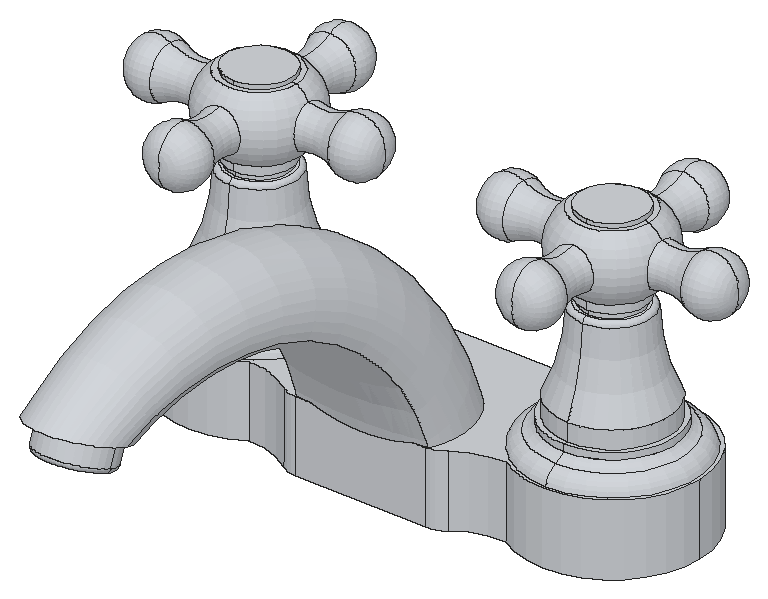
Revit family "01-0811-11 MEZCLADOR LAVAMANOS 4” CALIMA", category Plumbing Fixtures, host Face, Revit 2018
Family settings
  Host = Face
  Round Connector Dimension = Use Diameter
  Part Type = Normal
  OmniClass Number = 23.31.11.00
  Cut with Voids When Loaded = No
  Shared = No
  Room Calculation Point = No
Parameters (values of type "01-0811-11")
  Waste Water Outlet = ""
  Waste Connection = 1 = 0  # no
  Vent Connection = 1 = 0  # no
  URL = "https://www.gricol.com/"
  Type Image = MEZCLADOR LAVAMANOS 4” CALIMA.jpg
  Product Name = "MEZCLADOR LAVAMANOS 4” CALIMA\r"  # constant formula
  Plastico ABS Cromado = Plastico - ABS Cromado
  Model = " 01-0811-11\r"  # constant formula
  Metal Zamak Cromado = Metal Zamak Cromado
  Manufacturer = "Gricol"  # constant formula
  Manija = 72.00 mm
  Link ficha tecnica = "http://infotecnica.gricol.com/FT_01081111.pdf"
  HW Connection = 1 = 1  # yes
  Eje- Aireador = 129.10 mm
  Description = "Bimando baño"  # constant formula
  Default Elevation = 0.00 mm
  Date Modified = ""
  Date Created = "05/28/2020"  # constant formula
  Copyright = "All rights reserved © Gricol - 2020."  # constant formula
  CW Connection = 1 = 1  # yes
  Assembly Code = ""
  Alto = 82.80 mm
  Alto Aireador = 57.90 mm
Reference planes
  plane 1 "Center (Front/Back)": y = 0
  plane 2: z = 0
  plane 3 "Center (Left/Right)": x = 0
  plane 4: z = 82.8
  plane 5: y = -129.1
  plane 6: y = 36
  plane 7: y = -36
  plane 8: z = 57.9
Dimensions and locks
  "Manija": plane 6 to plane 7
  "Eje- Aireador": plane 1 "Center (Front/Back)" to plane 5
  "Alto Aireador": plane 8 to level
  "Alto": plane 4 to level
  aligned and locked: plane 2 to host face
  aligned and locked: level to host face
Automatic sketch dimensions
  host sketch curve to host sketch curve = 250.296 mm
  host sketch curve to host sketch curve = 276.464 mm
Nested families
  nested 1: "MEZCLADOR LAVAMANOS 4” CALIMA" at (0, 0, 0), type "MEZCLADOR LAVAMANOS 4” CALIMA"
Connectors
  piping at (52.462, 0.857, -1.193), diameter 12.7
    settings: on nested 1, index 1, connector inside diameter 24", connector length 0.00 mm, flow factor 0, pipe flow 0 GPM, pressure drop 0.00 psi, fitting loss kfactor 0, connector angle 0.00°, fixture units 0, engagement length 0.00 mm, angle of deflection 0.00°, flow configuration 0, flow direction 0, fitting loss method 0, system type 20, joint type 0, gender type 0, connector reference index -1, connector utility 0, adjustable connector no, is connector primary yes, connector description ""
  piping at (-52.538, 0.857, -1.193), diameter 12.7
    settings: on nested 1, index 2, connector inside diameter 24", connector length 0.00 mm, flow factor 0, pipe flow 0 GPM, pressure drop 0.00 psi, fitting loss kfactor 0, connector angle 0.00°, fixture units 0, engagement length 0.00 mm, angle of deflection 0.00°, flow configuration 0, flow direction 0, fitting loss method 0, system type 19, joint type 0, gender type 0, connector reference index -1, connector utility 0, adjustable connector no, is connector primary no, connector description ""
Definition of nested family "MEZCLADOR LAVAMANOS 4” CALIMA"
  Reference planes
    plane 1 "Center (Front/Back)": y = 0
    plane 2: z = 0
    plane 3 "Center (Left/Right)": x = 0
    plane 4: x = 50.818
    plane 5: x = -17.832
    plane 6: x = 17.832
    plane 7: x = -50.818
    plane 8: z = 82.8
    plane 9: y = -129.1
    plane 10: y = 36
    plane 11: y = -36
  Forms (mm)
    Extrusion 1, solid
      sketch origin (0, 0, 0) x (0, 1, 0) y (1, 0, 0)
        loop
          circle (0.857, -52.538) r 3.935
        loop
          circle (0.857, 52.462) r 3.935
      from 0 to 1.193
    Revolve 2, solid
      sketch origin (0, -128.458, 61.022) x (0, 0.34202, 0.939693) y (-1, 0, 0)
        loop
          line (1.991, 0) -> (1.991, 10.407) -> (-3.945, 10.407)
          arc (-3.945, 10.407) -> (-4.66, 10.216) -> (-5.184, 9.692) r 1.431
          line (-5.184, 9.692) -> (-5.184, 8.863) -> (-3.268, 8.863)
          arc (-3.268, 8.863) -> (-3.014, 8.609) -> (-3.268, 8.355) r 0.254
          line (-3.268, 8.355) -> (-4.391, 8.355)
          arc (-4.391, 8.355) -> (-4.826, 7.663) -> (-4.014, 7.571) r 0.483
          line (-4.014, 7.571) -> (-4.014, 0) -> (1.991, 0)
        axis (1.991, 0) -> (-5.184, 0)
      angle from 0 to 360
    SweptBlend 3, solid
      path origin (0, -1.25, 0) x (0, 1, 0) y (0, 0, 1)
        loop
          arc (-5.621, 6.235) -> (-62.082, 72.15) -> (-145.822, 49.342) r 81.151
      profile origin (0, -6.871, 6.235) x (0, -0.989636, -0.143596) y (1, 0, 0)
        loop
          line (17.042, -19.943) -> (17.042, 20.057)
          arc (17.042, 20.057) -> (-14.459, 0.057) -> (17.042, -19.943) r 22.099
      end profile origin (0, -147.072, 49.342) x (0, 0.73801, -0.67479) y (1, 0, 0)
        loop
          spline (0, -11.86) -> (2.588, -11.456) -> (5, -10.271) -> (7.071, -8.387) -> (8.66, -5.93) -> (9.659, -3.07) -> (10, 0) -> (9.659, 3.07) -> (8.66, 5.93) -> (7.071, 8.387) -> (5, 10.271) -> (2.588, 11.456) -> (0, 11.86)
          spline (0, 11.86) -> (-2.588, 11.456) -> (-5, 10.271) -> (-7.071, 8.387) -> (-8.66, 5.93) -> (-9.659, 3.07) -> (-10, 0) -> (-9.659, -3.07) -> (-8.66, -5.93) -> (-7.071, -8.387) -> (-5, -10.271) -> (-2.588, -11.456) -> (0, -11.86)
    Extrusion 4, void
      sketch origin (0, 0.938, 0.625) x (0, -1, 0) y (0, 0, 1)
        loop
          line (113.076, 56.592) -> (113.076, 37.449) -> (158.076, 37.449) -> (158.076, 72.97) -> (113.076, 56.592)
      from -22.835 to 20.022
    Revolve 5, solid
      sketch origin (-50.818, 33.924, 115.212) x (0, 1, 0) y (0, 0, 1)
        loop
          line (-58.026, -94.723) -> (-33.924, -94.723) -> (-33.924, -55.738) -> (-42.257, -55.738) -> (-42.257, -57.313) -> (-43.12, -57.313)
          arc (-43.12, -57.313) -> (-44.079, -57.71) -> (-44.477, -58.67) r 1.357
          arc (-44.477, -58.67) -> (-45.954, -70.51) -> (-50.113, -81.694) r 51.554
          line (-50.113, -81.694) -> (-50.113, -86.694) -> (-51.508, -86.694) -> (-51.508, -88.54)
          arc (-51.508, -88.54) -> (-52.739, -89.739) -> (-54.26, -90.539) r 5.988
          arc (-54.26, -90.539) -> (-56.674, -92.153) -> (-58.026, -94.723) r 5.899
        axis (-33.924, -94.723) -> (-33.924, -55.738)
      angle from 0 to 360
    Extrusion 6, solid
      sketch origin (0, -0.625, 0) x (1, 0, 0) y (0, 1, 0)
        loop
          arc (-34.704, 19.97) -> (-61.491, 23.474) -> (-76, 0.685) r 25.151
          arc (-76, 0.685) -> (-62.745, -21.488) -> (-36.939, -20.311) r 25.174
          arc (-36.939, -20.311) -> (-29.903, -21.388) -> (-23.513, -24.523) r 23.504
          arc (-23.513, -24.523) -> (-21.307, -25.939) -> (-18.717, -26.34) r 6.324
          line (-18.717, -26.34) -> (18.717, -26.34)
          arc (18.717, -26.34) -> (21.307, -25.939) -> (23.513, -24.523) r 6.324
          arc (23.513, -24.523) -> (29.903, -21.388) -> (36.939, -20.311) r 23.504
          arc (36.939, -20.311) -> (62.745, -21.488) -> (76, 0.685) r 25.174
          arc (76, 0.685) -> (61.491, 23.474) -> (34.704, 19.97) r 25.151
          line (34.704, 19.97) -> (-34.704, 19.97)
      from 0 to 20.49
    Extrusion 7, solid
      sketch origin (-52.939, -0.855, -0.901) x (0, -1, 0) y (1, 0, 0)
        loop
          circle (-0.855, 2.121) r 9.136
      from 60.375 to 83.701
    Revolve 8, solid
      sketch origin (-50.818, 0, -0.901) x (1, 0, 0) y (0, 0, 1)
        loop
          line (-9.246, 82.665) -> (-10.84, 82.665)
          arc (-10.84, 82.665) -> (-15.864, 73.165) -> (-10.84, 63.665) r 11.494
          line (-10.84, 63.665) -> (-9.246, 63.665) -> (-9.246, 82.665)
        axis (0, 63.665) -> (0, 82.665)
      angle from 0 to 360
    Revolve 9, solid
      sketch origin (-266.403, 0, 1212.14) x (-1, 0, 0) y (0, 0, -1)
        loop
          line (-204.706, 1139.875) -> (-204.706, 1132.465)
          arc (-204.706, 1132.465) -> (-197.353, 1134.38) -> (-190.002, 1132.456) r 15.043
          arc (-190.002, 1132.456) -> (-182.428, 1132.858) -> (-179.551, 1139.875) r 7.09
          line (-179.551, 1139.875) -> (-204.706, 1139.875)
        axis (-204.706, 1139.875) -> (-179.551, 1139.875)
      angle from 0 to 360
    Revolve 10, solid
      sketch origin (164.767, 0, 1212.14) x (1, 0, 0) y (0, 0, -1)
        loop
          line (-204.706, 1139.875) -> (-204.706, 1132.465)
          arc (-204.706, 1132.465) -> (-197.353, 1134.38) -> (-190.002, 1132.456) r 15.043
          arc (-190.002, 1132.456) -> (-182.428, 1132.858) -> (-179.551, 1139.875) r 7.09
          line (-179.551, 1139.875) -> (-204.706, 1139.875)
        axis (-204.706, 1139.875) -> (-179.551, 1139.875)
      angle from 0 to 360
    Revolve 11, solid
      sketch origin (-50.818, -215.585, 1212.14) x (0, -1, 0) y (0, 0, -1)
        loop
          line (-204.706, 1139.875) -> (-204.706, 1132.465)
          arc (-204.706, 1132.465) -> (-197.353, 1134.38) -> (-190.002, 1132.456) r 15.043
          arc (-190.002, 1132.456) -> (-182.428, 1132.858) -> (-179.551, 1139.875) r 7.09
          line (-179.551, 1139.875) -> (-204.706, 1139.875)
        axis (-204.706, 1139.875) -> (-179.551, 1139.875)
      angle from 0 to 360
    Revolve 12, solid
      sketch origin (-50.818, 215.585, 1212.14) x (0, 1, 0) y (0, 0, -1)
        loop
          line (-204.706, 1139.875) -> (-204.706, 1132.465)
          arc (-204.706, 1132.465) -> (-197.353, 1134.38) -> (-190.002, 1132.456) r 15.043
          arc (-190.002, 1132.456) -> (-182.428, 1132.858) -> (-179.551, 1139.875) r 7.09
          line (-179.551, 1139.875) -> (-204.706, 1139.875)
        axis (-204.706, 1139.875) -> (-179.551, 1139.875)
      angle from 0 to 360
    Extrusion 13, solid, not visible
      sketch origin (-2.121, 67.08, 70.712) x (0, -1, 0) y (1, 0, 0)
        loop
          circle (-0.855, 2.121) r 9.136
      from 60.375 to 83.701
    Revolve 14, solid, not visible
      sketch origin (0, 67.936, 70.712) x (1, 0, 0) y (0, 0, 1)
        loop
          line (-9.246, 82.665) -> (-10.84, 82.665)
          arc (-10.84, 82.665) -> (-15.864, 73.165) -> (-10.84, 63.665) r 11.494
          line (-10.84, 63.665) -> (-9.246, 63.665) -> (-9.246, 82.665)
        axis (0, 63.665) -> (0, 82.665)
      angle from 0 to 360
    Revolve 15, solid, not visible
      sketch origin (-215.585, 67.936, 1283.752) x (-1, 0, 0) y (0, 0, -1)
        loop
          line (-204.706, 1139.875) -> (-204.706, 1132.465)
          arc (-204.706, 1132.465) -> (-197.353, 1134.38) -> (-190.002, 1132.456) r 15.043
          arc (-190.002, 1132.456) -> (-182.428, 1132.858) -> (-179.551, 1139.875) r 7.09
          line (-179.551, 1139.875) -> (-204.706, 1139.875)
        axis (-204.706, 1139.875) -> (-179.551, 1139.875)
      angle from 0 to 360
    Revolve 16, solid, not visible
      sketch origin (215.585, 67.936, 1283.752) x (1, 0, 0) y (0, 0, -1)
        loop
          line (-204.706, 1139.875) -> (-204.706, 1132.465)
          arc (-204.706, 1132.465) -> (-197.353, 1134.38) -> (-190.002, 1132.456) r 15.043
          arc (-190.002, 1132.456) -> (-182.428, 1132.858) -> (-179.551, 1139.875) r 7.09
          line (-179.551, 1139.875) -> (-204.706, 1139.875)
        axis (-204.706, 1139.875) -> (-179.551, 1139.875)
      angle from 0 to 360
    Revolve 17, solid, not visible
      sketch origin (0, -147.649, 1283.752) x (0, -1, 0) y (0, 0, -1)
        loop
          line (-204.706, 1139.875) -> (-204.706, 1132.465)
          arc (-204.706, 1132.465) -> (-197.353, 1134.38) -> (-190.002, 1132.456) r 15.043
          arc (-190.002, 1132.456) -> (-182.428, 1132.858) -> (-179.551, 1139.875) r 7.09
          line (-179.551, 1139.875) -> (-204.706, 1139.875)
        axis (-204.706, 1139.875) -> (-179.551, 1139.875)
      angle from 0 to 360
    Revolve 18, solid, not visible
      sketch origin (0, 283.521, 1283.752) x (0, 1, 0) y (0, 0, -1)
        loop
          line (-204.706, 1139.875) -> (-204.706, 1132.465)
          arc (-204.706, 1132.465) -> (-197.353, 1134.38) -> (-190.002, 1132.456) r 15.043
          arc (-190.002, 1132.456) -> (-182.428, 1132.858) -> (-179.551, 1139.875) r 7.09
          line (-179.551, 1139.875) -> (-204.706, 1139.875)
        axis (-204.706, 1139.875) -> (-179.551, 1139.875)
      angle from 0 to 360
    Revolve 19, solid
      sketch origin (50.818, 33.924, 115.212) x (0, 1, 0) y (0, 0, 1)
        loop
          line (-58.026, -94.723) -> (-33.924, -94.723) -> (-33.924, -55.738) -> (-42.257, -55.738) -> (-42.257, -57.313) -> (-43.12, -57.313)
          arc (-43.12, -57.313) -> (-44.079, -57.71) -> (-44.477, -58.67) r 1.357
          arc (-44.477, -58.67) -> (-45.954, -70.51) -> (-50.113, -81.694) r 51.554
          line (-50.113, -81.694) -> (-50.113, -86.694) -> (-51.508, -86.694) -> (-51.508, -88.54)
          arc (-51.508, -88.54) -> (-52.739, -89.739) -> (-54.26, -90.539) r 5.988
          arc (-54.26, -90.539) -> (-56.674, -92.153) -> (-58.026, -94.723) r 5.899
        axis (-33.924, -94.723) -> (-33.924, -55.738)
      angle from 0 to 360
    Extrusion 20, solid
      sketch origin (48.698, -0.855, -0.901) x (0, -1, 0) y (1, 0, 0)
        loop
          circle (-0.855, 2.121) r 9.136
      from 60.375 to 83.701
    Revolve 21, solid
      sketch origin (50.818, 0, -0.901) x (1, 0, 0) y (0, 0, 1)
        loop
          line (-9.246, 82.665) -> (-10.84, 82.665)
          arc (-10.84, 82.665) -> (-15.864, 73.165) -> (-10.84, 63.665) r 11.494
          line (-10.84, 63.665) -> (-9.246, 63.665) -> (-9.246, 82.665)
        axis (0, 63.665) -> (0, 82.665)
      angle from 0 to 360
    Revolve 22, solid
      sketch origin (-164.767, 0, 1212.14) x (-1, 0, 0) y (0, 0, -1)
        loop
          line (-204.706, 1139.875) -> (-204.706, 1132.465)
          arc (-204.706, 1132.465) -> (-197.353, 1134.38) -> (-190.002, 1132.456) r 15.043
          arc (-190.002, 1132.456) -> (-182.428, 1132.858) -> (-179.551, 1139.875) r 7.09
          line (-179.551, 1139.875) -> (-204.706, 1139.875)
        axis (-204.706, 1139.875) -> (-179.551, 1139.875)
      angle from 0 to 360
    Revolve 23, solid
      sketch origin (266.403, 0, 1212.14) x (1, 0, 0) y (0, 0, -1)
        loop
          line (-204.706, 1139.875) -> (-204.706, 1132.465)
          arc (-204.706, 1132.465) -> (-197.353, 1134.38) -> (-190.002, 1132.456) r 15.043
          arc (-190.002, 1132.456) -> (-182.428, 1132.858) -> (-179.551, 1139.875) r 7.09
          line (-179.551, 1139.875) -> (-204.706, 1139.875)
        axis (-204.706, 1139.875) -> (-179.551, 1139.875)
      angle from 0 to 360
    Revolve 24, solid
      sketch origin (50.818, -215.585, 1212.14) x (0, -1, 0) y (0, 0, -1)
        loop
          line (-204.706, 1139.875) -> (-204.706, 1132.465)
          arc (-204.706, 1132.465) -> (-197.353, 1134.38) -> (-190.002, 1132.456) r 15.043
          arc (-190.002, 1132.456) -> (-182.428, 1132.858) -> (-179.551, 1139.875) r 7.09
          line (-179.551, 1139.875) -> (-204.706, 1139.875)
        axis (-204.706, 1139.875) -> (-179.551, 1139.875)
      angle from 0 to 360
    Revolve 25, solid
      sketch origin (50.818, 215.585, 1212.14) x (0, 1, 0) y (0, 0, -1)
        loop
          line (-204.706, 1139.875) -> (-204.706, 1132.465)
          arc (-204.706, 1132.465) -> (-197.353, 1134.38) -> (-190.002, 1132.456) r 15.043
          arc (-190.002, 1132.456) -> (-182.428, 1132.858) -> (-179.551, 1139.875) r 7.09
          line (-179.551, 1139.875) -> (-204.706, 1139.875)
        axis (-204.706, 1139.875) -> (-179.551, 1139.875)
      angle from 0 to 360
  Cuts and joins
    Extrusion 4 cuts SweptBlend 3
  Dimensions and locks
    plane 6 to plane 5 = 35.663 mm
    equal spacing: plane 6, plane 3 "Center (Left/Right)", plane 5
    equal spacing: plane 7, plane 3 "Center (Left/Right)", plane 4
    plane 7 to plane 4 = 101.637 mm
    plane 1 "Center (Front/Back)" to plane 9 = 129.10 mm
    plane 8 to level = 82.80 mm  (x2)
    locked: plane 10 to plane 11 at 72
    plane 10 to plane 1 "Center (Front/Back)" = 36.00 mm
    aligned and locked: plane 2 to level
  Automatic sketch dimensions
    Revolve 8 sketch curve to Revolve 8 sketch curve = 1.593 mm  (x2)
    Revolve 8 sketch curve to Revolve 8 sketch curve = 9.50 mm
    Revolve 8 sketch curve to Revolve 8 sketch curve = 0.00 mm
    Revolve 8 sketch curve to Revolve 8 sketch curve = 2.335 mm
    Revolve 9 sketch curve to Revolve 9 sketch curve = 6.981 mm
    Revolve 9 sketch curve to Revolve 9 sketch curve = 13.128 mm
    Revolve 9 sketch curve to Revolve 9 sketch curve = 6.174 mm
    Revolve 9 sketch curve to Revolve 9 sketch curve = 7.41 mm
    Revolve 9 sketch curve to Revolve 9 sketch curve = 3.081 mm
    Revolve 9 sketch curve to Revolve 9 sketch curve = 3.17 mm
    Revolve 9 sketch curve to Revolve 9 sketch curve = 0.00 mm
    Revolve 10 sketch curve to Revolve 10 sketch curve = 6.981 mm
    Revolve 10 sketch curve to Revolve 10 sketch curve = 13.128 mm
    Revolve 10 sketch curve to Revolve 10 sketch curve = 6.174 mm
    Revolve 10 sketch curve to Revolve 10 sketch curve = 7.41 mm
    Revolve 10 sketch curve to Revolve 10 sketch curve = 3.081 mm
    Revolve 10 sketch curve to Revolve 10 sketch curve = 3.17 mm
    Revolve 10 sketch curve to Revolve 10 sketch curve = 0.00 mm
    Revolve 11 sketch curve to Revolve 11 sketch curve = 7.344 mm
    Revolve 11 sketch curve to Revolve 11 sketch curve = 18.174 mm
    Revolve 11 sketch curve to Revolve 11 sketch curve = 6.981 mm
    Revolve 11 sketch curve to Revolve 11 sketch curve = 13.128 mm
    Revolve 11 sketch curve to Revolve 11 sketch curve = 6.174 mm
    Revolve 11 sketch curve to Revolve 11 sketch curve = 7.41 mm
    Revolve 11 sketch curve to Revolve 11 sketch curve = 3.081 mm
    Revolve 11 sketch curve to Revolve 11 sketch curve = 3.17 mm
    Revolve 11 sketch curve to Revolve 11 sketch curve = 0.00 mm
    Revolve 12 sketch curve to Revolve 12 sketch curve = 7.344 mm
    Revolve 12 sketch curve to Revolve 12 sketch curve = 18.174 mm
    Revolve 12 sketch curve to Revolve 12 sketch curve = 6.981 mm
    Revolve 12 sketch curve to Revolve 12 sketch curve = 13.128 mm
    Revolve 12 sketch curve to Revolve 12 sketch curve = 6.174 mm
    Revolve 12 sketch curve to Revolve 12 sketch curve = 7.41 mm
    Revolve 12 sketch curve to Revolve 12 sketch curve = 3.081 mm
    Revolve 12 sketch curve to Revolve 12 sketch curve = 3.17 mm
    Revolve 12 sketch curve to Revolve 12 sketch curve = 0.00 mm
    Revolve 8 sketch curve to Revolve 8 sketch curve = 4.876 mm
    Revolve 8 sketch curve to Revolve 8 sketch curve = 4.37 mm
    Revolve 9 sketch curve to Revolve 9 sketch curve = 7.344 mm
    Revolve 9 sketch curve to Revolve 9 sketch curve = 18.174 mm
    Revolve 10 sketch curve to Revolve 10 sketch curve = 7.344 mm
    Revolve 10 sketch curve to Revolve 10 sketch curve = 18.174 mm
    Revolve 14 sketch curve to Revolve 14 sketch curve = 1.593 mm  (x2)
    Revolve 14 sketch curve to Revolve 14 sketch curve = 9.50 mm
    Revolve 14 sketch curve to Revolve 14 sketch curve = 0.00 mm
    Revolve 14 sketch curve to Revolve 14 sketch curve = 2.335 mm
    Revolve 15 sketch curve to Revolve 15 sketch curve = 6.981 mm
    Revolve 15 sketch curve to Revolve 15 sketch curve = 13.128 mm
    Revolve 15 sketch curve to Revolve 15 sketch curve = 6.174 mm
    Revolve 15 sketch curve to Revolve 15 sketch curve = 7.41 mm
    Revolve 15 sketch curve to Revolve 15 sketch curve = 3.081 mm
    Revolve 15 sketch curve to Revolve 15 sketch curve = 3.17 mm
    Revolve 15 sketch curve to Revolve 15 sketch curve = 0.00 mm
    Revolve 16 sketch curve to Revolve 16 sketch curve = 6.981 mm
    Revolve 16 sketch curve to Revolve 16 sketch curve = 13.128 mm
    Revolve 16 sketch curve to Revolve 16 sketch curve = 6.174 mm
    Revolve 16 sketch curve to Revolve 16 sketch curve = 7.41 mm
    Revolve 16 sketch curve to Revolve 16 sketch curve = 3.081 mm
    Revolve 16 sketch curve to Revolve 16 sketch curve = 3.17 mm
    Revolve 16 sketch curve to Revolve 16 sketch curve = 0.00 mm
    Revolve 17 sketch curve to Revolve 17 sketch curve = 7.344 mm
    Revolve 17 sketch curve to Revolve 17 sketch curve = 18.174 mm
    Revolve 17 sketch curve to Revolve 17 sketch curve = 6.981 mm
    Revolve 17 sketch curve to Revolve 17 sketch curve = 13.128 mm
    Revolve 17 sketch curve to Revolve 17 sketch curve = 6.174 mm
    Revolve 17 sketch curve to Revolve 17 sketch curve = 7.41 mm
    Revolve 17 sketch curve to Revolve 17 sketch curve = 3.081 mm
    Revolve 17 sketch curve to Revolve 17 sketch curve = 3.17 mm
    Revolve 17 sketch curve to Revolve 17 sketch curve = 0.00 mm
    Revolve 18 sketch curve to Revolve 18 sketch curve = 7.344 mm
    Revolve 18 sketch curve to Revolve 18 sketch curve = 18.174 mm
    Revolve 18 sketch curve to Revolve 18 sketch curve = 6.981 mm
    Revolve 18 sketch curve to Revolve 18 sketch curve = 13.128 mm
    Revolve 18 sketch curve to Revolve 18 sketch curve = 6.174 mm
    Revolve 18 sketch curve to Revolve 18 sketch curve = 7.41 mm
    Revolve 18 sketch curve to Revolve 18 sketch curve = 3.081 mm
    Revolve 18 sketch curve to Revolve 18 sketch curve = 3.17 mm
    Revolve 18 sketch curve to Revolve 18 sketch curve = 0.00 mm
    Revolve 14 sketch curve to Revolve 14 sketch curve = 4.876 mm
    Revolve 14 sketch curve to Revolve 14 sketch curve = 4.37 mm
    Revolve 15 sketch curve to Revolve 15 sketch curve = 7.344 mm
    Revolve 15 sketch curve to Revolve 15 sketch curve = 18.174 mm
    Revolve 16 sketch curve to Revolve 16 sketch curve = 7.344 mm
    Revolve 16 sketch curve to Revolve 16 sketch curve = 18.174 mm
    Revolve 21 sketch curve to Revolve 21 sketch curve = 1.593 mm  (x2)
    Revolve 21 sketch curve to Revolve 21 sketch curve = 9.50 mm
    Revolve 21 sketch curve to Revolve 21 sketch curve = 0.00 mm
    Revolve 21 sketch curve to Revolve 21 sketch curve = 2.335 mm
    Revolve 22 sketch curve to Revolve 22 sketch curve = 6.981 mm
    Revolve 22 sketch curve to Revolve 22 sketch curve = 13.128 mm
    Revolve 22 sketch curve to Revolve 22 sketch curve = 6.174 mm
    Revolve 22 sketch curve to Revolve 22 sketch curve = 7.41 mm
    Revolve 22 sketch curve to Revolve 22 sketch curve = 3.081 mm
    Revolve 22 sketch curve to Revolve 22 sketch curve = 3.17 mm
    Revolve 22 sketch curve to Revolve 22 sketch curve = 0.00 mm
    Revolve 23 sketch curve to Revolve 23 sketch curve = 6.981 mm
    Revolve 23 sketch curve to Revolve 23 sketch curve = 13.128 mm
    Revolve 23 sketch curve to Revolve 23 sketch curve = 6.174 mm
    Revolve 23 sketch curve to Revolve 23 sketch curve = 7.41 mm
    Revolve 23 sketch curve to Revolve 23 sketch curve = 3.081 mm
    Revolve 23 sketch curve to Revolve 23 sketch curve = 3.17 mm
    Revolve 23 sketch curve to Revolve 23 sketch curve = 0.00 mm
    Revolve 24 sketch curve to Revolve 24 sketch curve = 7.344 mm
    Revolve 24 sketch curve to Revolve 24 sketch curve = 18.174 mm
    Revolve 24 sketch curve to Revolve 24 sketch curve = 6.981 mm
    Revolve 24 sketch curve to Revolve 24 sketch curve = 13.128 mm
    Revolve 24 sketch curve to Revolve 24 sketch curve = 6.174 mm
    Revolve 24 sketch curve to Revolve 24 sketch curve = 7.41 mm
    Revolve 24 sketch curve to Revolve 24 sketch curve = 3.081 mm
    Revolve 24 sketch curve to Revolve 24 sketch curve = 3.17 mm
    Revolve 24 sketch curve to Revolve 24 sketch curve = 0.00 mm
    Revolve 25 sketch curve to Revolve 25 sketch curve = 7.344 mm
    Revolve 25 sketch curve to Revolve 25 sketch curve = 18.174 mm
    Revolve 25 sketch curve to Revolve 25 sketch curve = 6.981 mm
    Revolve 25 sketch curve to Revolve 25 sketch curve = 13.128 mm
    Revolve 25 sketch curve to Revolve 25 sketch curve = 6.174 mm
    Revolve 25 sketch curve to Revolve 25 sketch curve = 7.41 mm
    Revolve 25 sketch curve to Revolve 25 sketch curve = 3.081 mm
    Revolve 25 sketch curve to Revolve 25 sketch curve = 3.17 mm
    Revolve 25 sketch curve to Revolve 25 sketch curve = 0.00 mm
    Revolve 21 sketch curve to Revolve 21 sketch curve = 4.876 mm
    Revolve 21 sketch curve to Revolve 21 sketch curve = 4.37 mm
    Revolve 22 sketch curve to Revolve 22 sketch curve = 7.344 mm
    Revolve 22 sketch curve to Revolve 22 sketch curve = 18.174 mm
    Revolve 23 sketch curve to Revolve 23 sketch curve = 7.344 mm
    Revolve 23 sketch curve to Revolve 23 sketch curve = 18.174 mm
    Extrusion 1 sketch curve to plane 1 "Center (Front/Back)" = 0.857 mm  (x2)
    Extrusion 1 sketch curve to plane 4 = 1.643 mm
    plane 7 to Extrusion 1 sketch curve = 1.72 mm
    Revolve 2 sketch curve to plane 3 "Center (Left/Right)" = 0.00 mm  (x2)
    Revolve 2 sketch curve to plane 3 "Center (Left/Right)" = 8.863 mm
    Revolve 2 sketch curve to Revolve 2 sketch curve = 0.793 mm
    Revolve 2 sketch curve to Revolve 2 sketch curve = 0.377 mm
    Revolve 2 sketch curve to Revolve 2 sketch curve = 0.446 mm
    Revolve 2 sketch curve to Revolve 2 sketch curve = 0.677 mm
    Revolve 2 sketch curve to Revolve 2 sketch curve = 5.259 mm
    Revolve 2 sketch curve to Revolve 2 sketch curve = 1.291 mm
    Revolve 2 sketch curve to Revolve 2 sketch curve = 0.301 mm
    Revolve 2 sketch curve to Revolve 2 sketch curve = 0.114 mm
    Revolve 2 sketch curve to Revolve 2 sketch curve = 0.829 mm
    Revolve 2 sketch curve to Revolve 2 sketch curve = 6.133 mm
    Revolve 2 sketch curve to Revolve 2 sketch curve = 1.991 mm
    SweptBlend 3 sketch curve to level = 5.418 mm
    SweptBlend 3 sketch curve to plane 9 = 41.918 mm
    plane 9 to SweptBlend 3 sketch curve = 17.972 mm
    plane 1 "Center (Front/Back)" to SweptBlend 3 sketch curve = 6.871 mm
    level to SweptBlend 3 sketch curve = 6.235 mm
    plane 3 "Center (Left/Right)" to SweptBlend 3 sketch curve = 0.057 mm
    SweptBlend 3 sketch curve to profile plane = 7.641 mm
    SweptBlend 3 sketch curve to profile plane = 17.042 mm
    SweptBlend 3 sketch curve to plane 3 "Center (Left/Right)" = 19.943 mm
    SweptBlend 3 sketch curve to profile plane = 0.00 mm
    SweptBlend 3 sketch curve to plane 3 "Center (Left/Right)" = 0.00 mm
    SweptBlend 3 sketch curve to plane 3 "Center (Left/Right)" = 11.86 mm
    Extrusion 4 sketch curve to plane 9 = 16.961 mm
    plane 9 to Extrusion 4 sketch curve = 28.039 mm
    level to Extrusion 4 sketch curve = 38.074 mm
    Extrusion 4 sketch curve to Extrusion 4 sketch curve = 19.143 mm
    Extrusion 4 sketch curve to plane 8 = 9.205 mm
    plane 7 to Extrusion 6 sketch curve = 0.031 mm
    plane 7 to Extrusion 6 sketch curve = 0.008 mm
    plane 11 to Extrusion 6 sketch curve = 8.44 mm  (x2)
    Extrusion 6 sketch curve to plane 7 = 13.879 mm
    Extrusion 6 sketch curve to plane 7 = 16.115 mm
    Extrusion 6 sketch curve to plane 5 = 1.235 mm
    Extrusion 6 sketch curve to plane 5 = 0.885 mm
    plane 6 to Extrusion 6 sketch curve = 0.885 mm
    plane 6 to Extrusion 6 sketch curve = 1.235 mm
    plane 4 to Extrusion 6 sketch curve = 16.115 mm
    plane 4 to Extrusion 6 sketch curve = 13.879 mm
    Extrusion 6 sketch curve to plane 4 = 0.008 mm
    Extrusion 6 sketch curve to Extrusion 6 sketch curve = 0.022 mm
    Extrusion 6 sketch curve to plane 11 = 9.035 mm
    Extrusion 6 sketch curve to Extrusion 6 sketch curve = 6.315 mm  (x2)
    Extrusion 6 sketch curve to plane 1 "Center (Front/Back)" = 0.06 mm  (x2)
    plane 10 to Extrusion 6 sketch curve = 16.655 mm
    Extrusion 6 sketch curve to Extrusion 6 sketch curve = 0.00 mm
    Extrusion 6 sketch curve to Extrusion 6 sketch curve = 4.796 mm
    Revolve 5 sketch curve to plane 1 "Center (Front/Back)" = 0.00 mm  (x2)
    Revolve 5 sketch curve to level = 0.00 mm
    plane 1 "Center (Front/Back)" to Revolve 5 sketch curve = 8.333 mm
    Revolve 5 sketch curve to Revolve 5 sketch curve = 0.862 mm
    plane 1 "Center (Front/Back)" to Revolve 5 sketch curve = 16.189 mm
    Revolve 5 sketch curve to Revolve 5 sketch curve = 1.395 mm
    Revolve 5 sketch curve to Revolve 5 sketch curve = 0.783 mm
    Revolve 5 sketch curve to Revolve 5 sketch curve = 4.751 mm
    plane 11 to Revolve 5 sketch curve = 26.105 mm
    level to Revolve 5 sketch curve = 19.113 mm
    Revolve 5 sketch curve to Revolve 5 sketch curve = 7.56 mm
    Revolve 5 sketch curve to Revolve 5 sketch curve = 1.846 mm
    Revolve 5 sketch curve to Revolve 5 sketch curve = 1.799 mm
    Revolve 5 sketch curve to Revolve 5 sketch curve = 5.00 mm
    Revolve 5 sketch curve to Revolve 5 sketch curve = 23.024 mm
    Revolve 5 sketch curve to plane 8 = 25.84 mm
    Revolve 5 sketch curve to Revolve 5 sketch curve = 1.575 mm
    Revolve 5 sketch curve to Revolve 5 sketch curve = 5.525 mm
    Revolve 5 sketch curve to Revolve 5 sketch curve = 3.767 mm
    Revolve 5 sketch curve to Revolve 5 sketch curve = 4.183 mm
    Revolve 19 sketch curve to plane 1 "Center (Front/Back)" = 0.00 mm  (x2)
    Revolve 19 sketch curve to level = 0.00 mm
    plane 1 "Center (Front/Back)" to Revolve 19 sketch curve = 8.333 mm
    Revolve 19 sketch curve to Revolve 19 sketch curve = 0.862 mm
    plane 1 "Center (Front/Back)" to Revolve 19 sketch curve = 16.189 mm
    Revolve 19 sketch curve to Revolve 19 sketch curve = 1.395 mm
    Revolve 19 sketch curve to Revolve 19 sketch curve = 0.783 mm
    Revolve 19 sketch curve to Revolve 19 sketch curve = 4.751 mm
    plane 11 to Revolve 19 sketch curve = 26.105 mm
    level to Revolve 19 sketch curve = 19.113 mm
    Revolve 19 sketch curve to Revolve 19 sketch curve = 7.56 mm
    Revolve 19 sketch curve to Revolve 19 sketch curve = 1.846 mm
    Revolve 19 sketch curve to Revolve 19 sketch curve = 1.799 mm
    Revolve 19 sketch curve to Revolve 19 sketch curve = 5.00 mm
    Revolve 19 sketch curve to Revolve 19 sketch curve = 23.024 mm
    Revolve 19 sketch curve to plane 8 = 25.84 mm
    Revolve 19 sketch curve to Revolve 19 sketch curve = 1.575 mm
    Revolve 19 sketch curve to Revolve 19 sketch curve = 5.525 mm
    Revolve 19 sketch curve to Revolve 19 sketch curve = 3.767 mm
    Revolve 19 sketch curve to Revolve 19 sketch curve = 4.183 mm
    radius of Extrusion 7 sketch curve = 9.136 mm
    radius of Extrusion 13 sketch curve = 9.136 mm
    radius of Extrusion 20 sketch curve = 9.136 mm
    radius of Extrusion 1 sketch curve = 3.935 mm  (x2)
